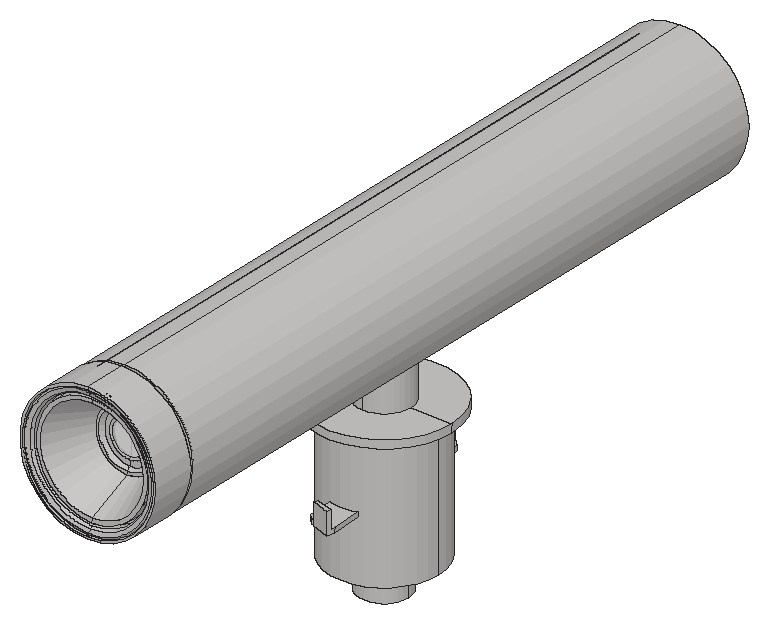
Revit family "CLighting-Luminii-Leto_11_Mini_WM", category Lighting Fixtures, host Face, Revit 2020
Family settings
  Host = Face
  Round Connector Dimension = Use Diameter
  Part Type = Normal
  OmniClass Number = 23.80.70.11.14.21
  OmniClass Title = Spots and Tracklight Specialties
  Cut with Voids When Loaded = No
  Light Source = Yes
  Shared = Yes
  Room Calculation Point = No
Parameters (values of type "Large")
  Width = 2 1/2"  # constant formula
  Wattage Comments = "6.1W"
  Wattage = 6.49954 W
  Warranty URL = "https://www.luminii.com/terms-conditions/"
  built-in parameter 1150110 = 1 (stored number, unit not read)
  Voltage Comments = "120V | 277V | 347V"  # constant formula
  Voltage = 120 V
  Version = "2020 - v1.0a"  # constant formula
  URL = "https://www.luminii.com/"
  built-in parameter 1114217 = 1 (stored number, unit not read)
  Tilt Angle = -180.00°  # constant formula
  built-in parameter 1150109 = 1 (stored number, unit not read)
  built-in parameter 1150134 = (empty or 0)
  built-in parameter 1150113 = 1 (stored number, unit not read)
  Support Phone = "224-699-9545"  # constant formula
  Support Email = "mailto:support@bimsmith.com"
  Product Page URL = "https://www.luminii.com/product/leto-11-mini-wm/"
  Power Source Type = "Driver"  # constant formula
  Power Factor = 1
  Photometric Web File = "652-L-A90-660-35-15-00.ies"
  Phase = 1
  Operating Temperature = "Consult Manufacturer Website for more Information"  # constant formula
  Number of Poles = if(and(or(Voltage = 120 V, Voltage = 277 V), Phase = 1), 1, if(and(or(Voltage = 208 V, Voltage = 240 V), Phase = 1), 2, if(and(or(Voltage = 208 V, Voltage = 240 V), Phase = 3), 3, if(and(Voltage > 300 V, Phase = 1), 2, if(and(Voltage > 400 V, Phase = 3), 3, 1)))))  # 1
  Mounting Method = "Wall Mount"  # constant formula
  Model = if(Constraints = 1, "652-S", if(Constraints = 2, "652-M", if(Constraints = 3, "652-L", "N/A")))  # "652-L"
  Manufacturer Phone Number = "403-216-7043"  # constant formula
  Manufacturer Email = "mailto: info@sensolighting.com"
  Manufacturer Address = "302 50 Ave SE. Calgary, Alberta, T2G 2A9 Canada"  # constant formula
  Manufacturer = "Luminii"  # constant formula
  built-in parameter 1150105 = 55.704 (stored number, unit not read)
  Lumens = 700 lm
  Luminaire Type = "Wall Mount LED Downlight"  # constant formula
  built-in parameter 1150115 = 1 (stored number, unit not read)
  Load Classification = Lighting
  built-in parameter 1150137 = (empty or 0)
  built-in parameter 1150139 = (empty or 0)
  Lens Material = Plastic - Luminii - Frosted Lens
  Length [instance] = if(Constraints = 1, 2 223/256", if(Constraints = 2, 8 51/256", if(Constraints = 3, 13 77/128", 2 223/256")))  # 13 77/128"
  built-in parameter 1150112 = 1 (stored number, unit not read)
  built-in parameter 1150114 = 1 (stored number, unit not read)
  Lamp Life = 1
  Lamp = "LED"  # constant formula
  Keynote = "26 50 00"
  built-in parameter 1150132 = 2
  built-in parameter 1150102 = (empty or 0)
  built-in parameter 1150107 = 3500 (stored number, unit not read)
  Initial Color Comments = "Perfomance based on 3500K Photometric Web File"  # constant formula
  built-in parameter 1150138 = (empty or 0)
  built-in parameter 1150106 = 0.55704 (stored number, unit not read)
  Housing Protection Rating = "Consult Manufacturer Website for more Information"  # constant formula
  Has Dimming = 1 = 1  # yes
  Has Battery Backup = 0 = 1  # no
  Frequency Comments = ""  # constant formula
  Frequency = 60 Hz
  Finish = Metal - Luminii - Silver Anodized Aluminum
  Environment = "Indoor"  # constant formula
  built-in parameter 1150104 = 10.006 (stored number, unit not read)
  Dimming Type = "Consult Manufacturer Website for more Information"  # constant formula
  Dimming Lamp Color Temperature Shift = <None>
  Description = "Wall mounted cylinder"  # constant formula
  Depth = 2 3/4"  # constant formula
  Default Elevation = 0"  # constant formula
  Current Amps = 50 A
  Copyright = "©2023 Luminii"  # constant formula
  Control Zone = "Consult Manufacturer Website for more Information"  # constant formula
  Control Type = "Consult Manufacturer Website for more Information"  # constant formula
  Constraints = 3
  Color Filter = 16777215
  built-in parameter 1114216 [instance] = 0  # (empty or 0)
  Canopy Finish = Metal - Luminii - Silver Anodized Aluminum
  built-in parameter 1140040 [instance] = 1 = 1  # 1
  CCT = "3500K"
  C Light Offset [instance] = (Length / 2) - 0.94488"  # 5.8559"
  built-in parameter 1114218 = 1 (stored number, unit not read)
  built-in parameter 1150133 = 10 (stored number, unit not read)
  Assembly Code = "D5020230"
  Apparent Load = Wattage / Power Factor  # 6.49954 VA
Types (3): name | Photometric Web File | Model | Length | Constraints | C Light Offset
  Small | "652-S-A90-660-35-15-00.ies" | "652-S" | 2 223/256" | 1 | 0.49066"
  Medium | "652-M-A90-660-35-15-00.ies" | "652-M" | 8 51/256" | 2 | 3.15473"
  Large | "652-L-A90-660-35-15-00.ies" | "652-L" | 13 77/128" | 3 | 5.8559"
Reference planes (in)
  plane 1 "Center (Front/Back)": y = 0
  plane 2: z = 0
  plane 3 "Center (Left/Right)": x = 0
  plane 4: x = 0
  plane 5: x = 0
  plane 6 "A": y = 0
  plane 7: y = 0
  plane 8: z = 2.04472
  plane 9: y = 6.80078
  plane 10: y = -6.80078
Forms (in)
  Extrusion 1, solid, material "Metal - Luminii - Silver Anodized Aluminum", not visible
    sketch origin (0, 0, 0) x (1, 0, 0) y (0, 1, 0)
      loop
        circle (0, 0) r 0.5
    from 0 to -0.17225
  Revolve 2, solid, material "Metal - Luminii - Silver Anodized Aluminum"
    sketch origin (0, 0, 0) x (1, 0, 0) y (0, 0, 1)
      loop
        line (0, 0) -> (-1, 0) -> (-1, -2.42867) -> (-0.44812, -2.42867) -> (-0.44812, -3) -> (0, -3) -> (0, 0)
      axis (0, 0) -> (0, -3)
    angle from 0 to 360
  Extrusion 3, solid, material "Metal - Luminii - Silver Anodized Aluminum", detail levels fine
    sketch origin (0, 1.24288, 0.62992) x (0, 1, 0) y (-1, 0, 0)
      loop
        arc (-0.28223, 0.27773) -> (-0.24329, 0.02846) -> (-0.26798, -0.22262) r 1
        line (-0.26798, -0.22262) -> (0.19841, -0.18726) -> (0.28818, -0.09959)
        arc (0.28818, -0.09959) -> (0.29354, -0.08113) -> (0.28055, -0.06697) r 0.01961
        line (0.28055, -0.06697) -> (0.18322, -0.03509)
        arc (0.18322, -0.03509) -> (0.17064, -0.01025) -> (0.19547, 0.00233) r 0.01969
        line (0.19547, 0.00233) -> (0.32631, -0.04053) -> (0.43047, 0.2775) -> (0.29592, 0.32157) -> (-0.28223, 0.27773)
      loop
        arc (-2.20354, -0.27773) -> (-2.24248, -0.02846) -> (-2.21779, 0.22262) r 1
        line (-2.21779, 0.22262) -> (-2.68418, 0.18726) -> (-2.77395, 0.09959)
        arc (-2.77395, 0.09959) -> (-2.77931, 0.08113) -> (-2.76632, 0.06697) r 0.01961
        line (-2.76632, 0.06697) -> (-2.66899, 0.03509)
        arc (-2.66899, 0.03509) -> (-2.65641, 0.01025) -> (-2.68124, -0.00233) r 0.01969
        line (-2.68124, -0.00233) -> (-2.81208, 0.04053) -> (-2.91624, -0.2775) -> (-2.78169, -0.32157) -> (-2.20354, -0.27773)
    from -1.92756 to -1.85287
  Extrusion 4, solid, material "Metal - Luminii - Silver Anodized Aluminum", detail levels fine
    sketch origin (0, 1.24288, 0.62992) x (0, 1, 0) y (-1, 0, 0)
      loop
        line (0.32631, -0.04053) -> (0.43047, 0.2775) -> (0.3595, 0.30074) -> (0.25534, -0.01728) -> (0.32631, -0.04053)
      loop
        line (-2.84527, -0.30074) -> (-2.74111, 0.01728) -> (-2.81208, 0.04053) -> (-2.91624, -0.2775) -> (-2.84527, -0.30074)
    from -1.53386 to -1.85287
  Revolve 5, solid, material "Metal - Luminii - Silver Anodized Aluminum"
    sketch origin (0, 0, 0) x (0, 1, 0) y (0, 0, 1)
      loop
        line (0, 0.14764) -> (0.49232, 0.14764) -> (0.49232, 0.9666) -> (0, 0.9666) -> (0, 0.14764)
      axis (0, 0.9666) -> (0, 0.14764)
    angle from 0 to 360
  Extrusion 6, void
    sketch origin (0, 0, 0) x (1, 0, 0) y (0, 1, 0)
      loop
        circle (0, 0) r 1
    from 0 to -3
  Revolve 7, solid, material "Metal - Luminii - Silver Anodized Aluminum" <- "Canopy Finish"
    sketch origin (0, 0, 0) x (1, 0, 0) y (0, 0, 1)
      loop
        line (-1.25, 0.14764) -> (-1.25, 0) -> (0, 0) -> (0, 0.14764) -> (-1.25, 0.14764)
      axis (0, 0.14764) -> (0, 0)
    angle from 0 to 360
Cuts and joins
  joined: Extrusion 3, Extrusion 4
Lines and regions (in)
  reference lines
    curve 1: line (-0.37509, 6.80078, 6.22009) -> (-0.37509, 6.80078, -3.27991)
    curve 2: line (-0.37509, -6.80078, 5.5619) -> (-0.37509, -6.80078, -3.9381)
Dimensions and locks (in)
  equal spacing: plane 4, plane 3 "Center (Left/Right)", plane 5
  equal spacing: plane 6 "A", plane 1 "Center (Front/Back)", plane 7
  plane 4 to plane 5 = 0"
  plane 6 "A" to plane 7 = 0"
  locked: plane 8 to plane 2 at 2.04472
  equal spacing: plane 9, plane 1 "Center (Front/Back)", plane 10
  "Length": plane 9 to plane 10
  equal spacing: curve 1, plane 1 "Center (Front/Back)", curve 2
  "Length": curve 1 to curve 2
  "C Light Offset": plane 1 "Center (Front/Back)" to imposter light
  aligned and locked: plane 2 to host face
  aligned and locked: plane 3 "Center (Left/Right)" to Extrusion 1 sketch curve
  aligned and locked: plane 1 "Center (Front/Back)" to Extrusion 1 sketch curve
  aligned and locked: plane 2 to Extrusion 1
  aligned and locked: plane 5 to nested 1
  aligned and locked: nested 1 to curve 1
  aligned and locked: imposter light to plane 3 "Center (Left/Right)"
  aligned and locked: imposter light to plane 8
Automatic sketch dimensions
  host sketch curve to host sketch curve = 96"  (x2)
  Revolve 2 sketch curve to plane 3 "Center (Left/Right)" = 0"  (x2)
  Revolve 2 sketch curve to Revolve 2 sketch curve = 0.44812"
  Revolve 2 sketch curve to Revolve 2 sketch curve = 0.55188"
  Revolve 2 sketch curve to level = 2.42867"
  Revolve 2 sketch curve to Revolve 2 sketch curve = 0.57133"
  Revolve 2 sketch curve to Revolve 2 sketch curve = 0.32681"
  Revolve 2 sketch curve to Revolve 2 sketch curve = 1"
  Extrusion 3 sketch curve to Extrusion 3 sketch curve = 0"  (x3)
  plane 1 "Center (Front/Back)" to Extrusion 3 sketch curve = 0"
  Extrusion 3 sketch curve to plane 3 "Center (Left/Right)" = 0"
  plane 3 "Center (Left/Right)" to Extrusion 3 sketch curve = 0.27773"
  plane 1 "Center (Front/Back)" to Extrusion 3 sketch curve = 0.96066"
  Extrusion 3 sketch curve to plane 3 "Center (Left/Right)" = 0.22262"
  Extrusion 3 sketch curve to plane 3 "Center (Left/Right)" = 0.03509"
  Extrusion 3 sketch curve to Extrusion 3 sketch curve = 0.4512"  (x2)
  Extrusion 3 sketch curve to Extrusion 3 sketch curve = 0.00613"  (x4)
  plane 3 "Center (Left/Right)" to Extrusion 3 sketch curve = 0.00233"
  Extrusion 3 sketch curve to plane 3 "Center (Left/Right)" = 0.18726"
  Extrusion 3 sketch curve to Extrusion 3 sketch curve = 0.01519"  (x2)
  Extrusion 3 sketch curve to Extrusion 3 sketch curve = 0.09123"  (x2)
  Extrusion 3 sketch curve to plane 3 "Center (Left/Right)" = 0.06697"
  Extrusion 3 sketch curve to Extrusion 3 sketch curve = 0.0061"  (x2)
  Extrusion 3 sketch curve to plane 3 "Center (Left/Right)" = 0.09959"
  Extrusion 3 sketch curve to Extrusion 3 sketch curve = 0.01374"  (x2)
  plane 3 "Center (Left/Right)" to Extrusion 3 sketch curve = 0.32157"
  Extrusion 3 sketch curve to Extrusion 3 sketch curve = 0.10045"  (x2)
  Extrusion 3 sketch curve to plane 3 "Center (Left/Right)" = 0.04053"
  Extrusion 3 sketch curve to Extrusion 3 sketch curve = 0.04576"  (x2)
  plane 3 "Center (Left/Right)" to Extrusion 3 sketch curve = 0.22262"
  Extrusion 3 sketch curve to plane 1 "Center (Front/Back)" = 0.9749"
  plane 3 "Center (Left/Right)" to Extrusion 3 sketch curve = 0.03509"
  Extrusion 3 sketch curve to plane 3 "Center (Left/Right)" = 0.00233"
  plane 3 "Center (Left/Right)" to Extrusion 3 sketch curve = 0.18726"
  plane 3 "Center (Left/Right)" to Extrusion 3 sketch curve = 0.06697"
  plane 3 "Center (Left/Right)" to Extrusion 3 sketch curve = 0.09959"
  Extrusion 3 sketch curve to plane 3 "Center (Left/Right)" = 0.32157"
  plane 3 "Center (Left/Right)" to Extrusion 3 sketch curve = 0.04053"
  Extrusion 3 sketch curve to plane 3 "Center (Left/Right)" = 0.27773"
  Extrusion 4 sketch curve to plane 1 "Center (Front/Back)" = 1.67336"
  Extrusion 4 sketch curve to Extrusion 4 sketch curve = 0.07098"  (x2)
  plane 3 "Center (Left/Right)" to Extrusion 4 sketch curve = 0.04053"
  plane 3 "Center (Left/Right)" to Extrusion 4 sketch curve = 0.01728"
  Extrusion 4 sketch curve to Extrusion 4 sketch curve = 0.10416"
  Extrusion 4 sketch curve to plane 3 "Center (Left/Right)" = 0.04053"
  plane 1 "Center (Front/Back)" to Extrusion 4 sketch curve = 1.5692"
  Extrusion 4 sketch curve to plane 3 "Center (Left/Right)" = 0.01728"
  plane 3 "Center (Left/Right)" to Extrusion 4 sketch curve = 0.2775"
  Revolve 5 sketch curve to plane 1 "Center (Front/Back)" = 0"  (x2)
  level to Revolve 5 sketch curve = 0.14764"
  Revolve 5 sketch curve to plane 1 "Center (Front/Back)" = 0.49232"
  Revolve 5 sketch curve to Revolve 5 sketch curve = 0.81896"
  Revolve 5 sketch curve to Revolve 5 sketch curve = 0.15377"
  Revolve 5 sketch curve to Revolve 5 sketch curve = 0.16993"
  Revolve 7 sketch curve to level = 0"
  Revolve 7 sketch curve to plane 3 "Center (Left/Right)" = 0"  (x2)
  Revolve 7 sketch curve to Revolve 7 sketch curve = 1 1/4"
  level to Revolve 7 sketch curve = 0.14764"
  Revolve 7 sketch curve to Revolve 7 sketch curve = 3.32681"
  Revolve 7 sketch curve to Revolve 7 sketch curve = 1"
  Revolve 2 sketch curve to level = 0"
  plane 8 to curve 1 = 4.17537"
  plane 8 to curve 2 = 3.51718"
  curve 1 to level = 3.27991"
  curve 2 to level = 3.9381"
  radius of Extrusion 1 sketch curve = 1/2"
Nested families (in)
  nested 1: "Nested - Lamp" at (0, 6.80078, 2.04472) x (1, 0, 0) z (0, -1, 0), type "Nested - Lamp"
Connectors (in)
  electrical at (0, 0, 0), driven by "Number of Poles", driven by "Load Classification", driven by "Voltage", driven by "Apparent Load", driven by "Power Factor"
    settings: on Extrusion 1, index 1, voltage 120 V, apparent load 6.49954 VA, apparent load phase1 0 VA, apparent load phase2 0 VA, apparent load phase3 0 VA, power factor 1, load classification "Lighting", number of poles 1, system type 30, power factor state 1, is connector primary yes, connector utility no, sub classification motor no, connector description "Power Connection"
Definition of nested family "Nested - Lamp"
  Parameters (values of type "Nested - Lamp")
    Screen Material = none
    Inner Screen = none
    Height = if(Constraints = 1, 2.87", if(Constraints = 2, 8.2", if(Constraints = 3, 13.6", 2.87")))  # 13.6"
    Finish = none
    Default Elevation = 48"
    Constraints = 3
  Reference planes (in)
    plane 1 "Center (Front/Back)": y = 0
    plane 2: z = 0
    plane 3 "Center (Left/Right)": x = 0
    plane 4: y = 1.25
    plane 5: y = -1.25
    plane 6: x = -1.25
    plane 7: x = 1.25
    plane 8: z = 13.6
  Forms (in)
    Extrusion 1, solid
      sketch origin (0, 0, 0) x (1, 0, 0) y (0, 1, 0)
        loop
          line (-48, 48) -> (-48, -48) -> (48, -48) -> (48, 48) -> (-48, 48)
      from 0 to -12
    Revolve 2, solid, material <- "Finish", detail levels medium+fine
      sketch origin (0, 0, 0) x (0, 1, 0) y (0, 0, 1)
        loop
          line (1.25, 13.6) -> (1.21031, 13.6) -> (1.21031, 13.4933) -> (1.12463, 13.40762) -> (1.12463, 0.11811) -> (0, 0.11811) -> (0, 0.04341) -> (1.19483, 0.04341) -> (1.19483, 0) -> (1.25, 0) -> (1.25, 12.75354) -> (1.19101, 12.75354) -> (1.19101, 12.8126) -> (1.25, 12.8126) -> (1.25, 13.6)
        axis (0, 13.6) -> (0, 0)
      angle from 0 to 360
    Revolve 3, solid, material <- "Inner Screen"
      sketch origin (0, 2.89466, 13.6) x (0, -1, 0) y (0, 0, -1)
        loop
          arc (1.70127, 0.03321) -> (1.70809, 0.01858) -> (1.72402, 0.01606) r 0.01718
          line (1.72402, 0.01606) -> (1.7973, 0.04129) -> (1.82801, 0.09447) -> (1.83533, 0.24409) -> (1.86648, 0.24409) -> (1.87589, 0.09646) -> (1.95016, 0.09646) -> (2.31636, 0.88976) -> (2.37687, 0.88976) -> (2.42189, 0.96469) -> (2.52571, 0.96469) -> (2.57975, 0.98397) -> (2.89466, 0.98397) -> (2.89466, 1.01963) -> (2.57975, 1.01963) -> (2.52711, 0.99619) -> (2.40414, 0.99619) -> (2.35912, 0.92126) -> (2.29474, 0.92126) -> (1.99361, 0.26889) -> (1.80428, 0.26889) -> (1.8018, 0.22166) -> (1.70613, 0.12598) -> (1.70127, 0.03321)
        axis (2.89466, 0.01606) -> (2.89466, 1.01963)
      angle from 0 to 360
    Extrusion 4, solid
      sketch origin (0, 0, 12.61603) x (0, 1, 0) y (-1, 0, 0)
        loop
          circle (0, 0) r 0.31491
      from 0 to 0.02756
    Revolve 5, solid, material <- "Finish", detail levels coarse
      sketch origin (0, 0, 0) x (0, 1, 0) y (0, 0, 1)
        loop
          line (1.25, 13.6) -> (1.21031, 13.6) -> (1.21031, 13.4933) -> (1.12463, 13.40762) -> (1.12463, 0.11811) -> (0, 0.11811) -> (0, 0.04341) -> (1.19483, 0.04341) -> (1.19483, 0) -> (1.25, 0) -> (1.25, 13.6)
        axis (0, 13.6) -> (0, 0)
      angle from 0 to 360
    Extrusion 6, void
      sketch origin (0, 0, 0.04341) x (0, 1, 0) y (1, 0, 0)
        loop
          line (0.29528, -0.31496) -> (-0.29528, -0.31496)
          arc (-0.29528, -0.31496) -> (-0.3248, -0.34449) -> (-0.29528, -0.37402) r 0.02953
          line (-0.29528, -0.37402) -> (0.29528, -0.37402)
          arc (0.29528, -0.37402) -> (0.3248, -0.34449) -> (0.29528, -0.31496) r 0.02953
        loop
          arc (-0.3937, 0.37402) -> (-0.76772, 0) -> (-0.3937, -0.37402) r 0.37402
          arc (-0.3937, -0.37402) -> (-0.36417, -0.34449) -> (-0.3937, -0.31496) r 0.02953
          arc (-0.3937, -0.31496) -> (-0.70866, 0) -> (-0.3937, 0.31496) r 0.31496
          arc (-0.3937, 0.31496) -> (-0.36417, 0.34449) -> (-0.3937, 0.37402) r 0.02953
        loop
          arc (0.3937, 0.37402) -> (0.36417, 0.34449) -> (0.3937, 0.31496) r 0.02953
          arc (0.3937, 0.31496) -> (0.70866, 0) -> (0.3937, -0.31496) r 0.31496
          arc (0.3937, -0.31496) -> (0.36417, -0.34449) -> (0.3937, -0.37402) r 0.02953
          arc (0.3937, -0.37402) -> (0.76772, 0) -> (0.3937, 0.37402) r 0.37402
        loop
          arc (0.29528, 0.31496) -> (0.3248, 0.34449) -> (0.29528, 0.37402) r 0.02953
          line (0.29528, 0.37402) -> (-0.29528, 0.37402)
          arc (-0.29528, 0.37402) -> (-0.3248, 0.34449) -> (-0.29528, 0.31496) r 0.02953
          line (-0.29528, 0.31496) -> (0.29528, 0.31496)
      from -0.40135 to 0.8402
  Cuts and joins
    Extrusion 6 cuts Revolve 2
  Lines and regions (in)
    reference lines
      curve 1: line (0, 2.89466, 13.6) -> (0, -2.68701, 13.6)
  Dimensions and locks (in)
    plane 8 to Revolve 2 sketch curve to Revolve 2 sketch curve = 0.1067" locked, 0.08568" locked
    "Height": plane 8 to Extrusion 1
    Extrusion 4 to Extrusion 4 to curve 1 = 0.02756" locked, 0.95641" locked
    Revolve 2 sketch curve to Revolve 2 sketch curve to curve 1 = 0.05906" locked, 0.7874" locked
    "Height": curve 1 to plane 2
    Revolve 5 sketch curve to Revolve 5 sketch curve to curve 1 = 0.08568" locked, 0.1067" locked
    aligned and locked: plane 2 to Extrusion 1
    aligned and locked: level to Extrusion 1
    aligned and locked: Revolve 2 sketch curve to plane 8
    aligned and locked: curve 1 to Revolve 5 sketch curve
  Automatic sketch dimensions
    Extrusion 1 sketch curve to Extrusion 1 sketch curve = 96"  (x2)
    Revolve 3 sketch curve to curve 1 = 0.03321"
    curve 1 to Revolve 3 sketch curve = 1.70127"
    Revolve 3 sketch curve to curve 1 = 0.12598"
    Revolve 3 sketch curve to Revolve 3 sketch curve = 0.00486"
    Revolve 3 sketch curve to Revolve 3 sketch curve = 0.01716"
    Revolve 3 sketch curve to curve 1 = 0.01606"
    Revolve 3 sketch curve to Revolve 3 sketch curve = 0.00559"
    Revolve 3 sketch curve to curve 1 = 0.04129"
    Revolve 3 sketch curve to Revolve 3 sketch curve = 0.07328"
    Revolve 3 sketch curve to curve 1 = 0.22166"
    Revolve 3 sketch curve to Revolve 3 sketch curve = 0.09567"
    Revolve 3 sketch curve to Revolve 3 sketch curve = 0.00248"
    Revolve 3 sketch curve to curve 1 = 0.09447"
    Revolve 3 sketch curve to Revolve 3 sketch curve = 0.03071"
    Revolve 3 sketch curve to curve 1 = 0.24409"
    Revolve 3 sketch curve to Revolve 3 sketch curve = 0.03105"
    Revolve 3 sketch curve to Revolve 3 sketch curve = 0.03115"
    Revolve 3 sketch curve to curve 1 = 0.09646"
    Revolve 3 sketch curve to Revolve 3 sketch curve = 0.04789"
    Revolve 3 sketch curve to Revolve 3 sketch curve = 0.07427"
    Revolve 3 sketch curve to curve 1 = 0.26889"
    Revolve 3 sketch curve to Revolve 3 sketch curve = 0.12713"
    Revolve 3 sketch curve to Revolve 3 sketch curve = 0.30113"
    Revolve 3 sketch curve to Revolve 3 sketch curve = 0.02161"
    Revolve 3 sketch curve to curve 1 = 0.92126"
    Revolve 3 sketch curve to Revolve 3 sketch curve = 0.04276"
    Revolve 3 sketch curve to curve 1 = 0.88976"
    Revolve 3 sketch curve to Revolve 3 sketch curve = 0.01775"  (x2)
    Revolve 3 sketch curve to curve 1 = 0.99619"
    Revolve 3 sketch curve to Revolve 3 sketch curve = 0.04502"
    Revolve 3 sketch curve to Revolve 3 sketch curve = 0.10382"
    Revolve 3 sketch curve to Revolve 3 sketch curve = 0.0014"
    Revolve 3 sketch curve to Revolve 3 sketch curve = 0.05264"
    Revolve 3 sketch curve to curve 1 = 0.98397"
    Revolve 3 sketch curve to Revolve 3 sketch curve = 0"
    Revolve 3 sketch curve to Revolve 3 sketch curve = 0.31491"
    Revolve 3 sketch curve to Revolve 3 sketch curve = 0.0315"
    Revolve 3 sketch curve to Revolve 3 sketch curve = 0.03566"
    curve 1 to Revolve 3 sketch curve = 0.19685"
    Revolve 3 sketch curve to Revolve 3 sketch curve = 0.9445"
    Revolve 3 sketch curve to Revolve 3 sketch curve = 0.92235"
    Revolve 5 sketch curve to plane 1 "Center (Front/Back)" = 0"  (x2)
    Revolve 5 sketch curve to level = 0"
    Revolve 5 sketch curve to plane 4 = 0"
    Revolve 5 sketch curve to plane 4 = 0.12537"
    Revolve 5 sketch curve to plane 4 = 0.05517"
    Revolve 5 sketch curve to plane 4 = 0.03969"
    Revolve 5 sketch curve to Revolve 5 sketch curve = 0.04341"
    Revolve 5 sketch curve to Revolve 5 sketch curve = 0.0747"
    Revolve 5 sketch curve to Revolve 5 sketch curve = 5.71313"
    Revolve 5 sketch curve to Revolve 5 sketch curve = 7.30315"
    Extrusion 6 sketch curve to Extrusion 6 sketch curve = 0"  (x14)
    Extrusion 6 sketch curve to Revolve 2 = 0"  (x2)
    Extrusion 6 sketch curve to Extrusion 6 sketch curve = 0.09843"  (x3)
    Revolve 2 to Extrusion 6 sketch curve = 0.34449"
    Extrusion 6 sketch curve to Extrusion 6 sketch curve = 0.59055"  (x2)
    Extrusion 6 sketch curve to Revolve 2 = 0.34449"
    Extrusion 6 sketch curve to Extrusion 6 sketch curve = 0.02953"  (x4)
    Revolve 2 sketch curve to plane 1 "Center (Front/Back)" = 0"  (x2)
    Revolve 2 sketch curve to level = 0"
    Revolve 2 sketch curve to plane 4 = 0"  (x2)
    Revolve 2 sketch curve to plane 4 = 0.12537"
    Revolve 2 sketch curve to plane 4 = 0.05899"
    Revolve 2 sketch curve to plane 4 = 0.05517"
    Revolve 2 sketch curve to plane 4 = 0.03969"
    level to Revolve 2 sketch curve = 0.04341"
    Revolve 2 sketch curve to Revolve 2 sketch curve = 0.0747"
    Revolve 2 sketch curve to plane 8 = 0.49213"
    plane 8 to Revolve 2 sketch curve = 1.9685"
    plane 5 to curve 1 = 1.43701"
    plane 4 to curve 1 = 1.64466"
    radius of Extrusion 4 sketch curve to Revolve 3 = 0"
